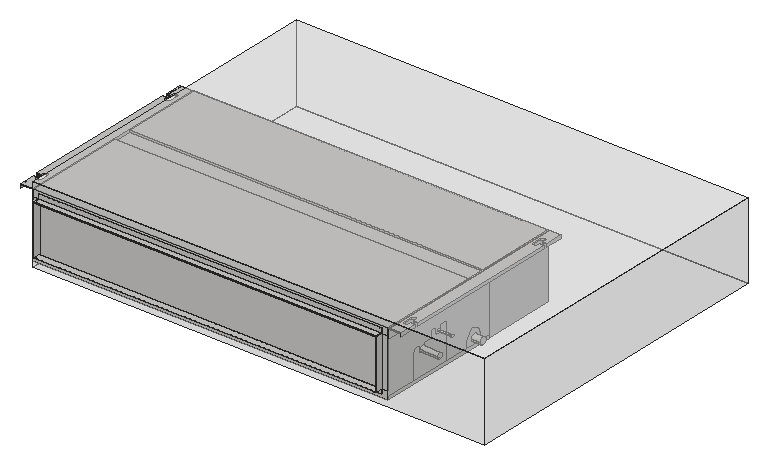
Revit family "outputfile", category 機械設備, Revit 2024
Family settings
  丸型コネクタ寸法 = 半径を使用
  パーツ タイプ = 標準
  OmniClass 番号 = 23.75.10.24.21.27.27
  OmniClass タイトル = Split System Air Conditioning Units
  作業面ベース = いいえ
  常に垂直 = はい
  ロード時にボイドで切り取り = いいえ
  注釈の向きを維持 = いいえ
  共有 = いいえ
  部屋計算ポイント = はい
Parameters (values of type "CDXM71RVMV")
  Description = ""
  書き出し IFC クラス(タイプ) = "IfcUnitaryEquipmentType"
  定義済み IFC タイプ(タイプ) = "AIRCONDITIONINGUNIT"
  Cost = 0
  Type Comments = ""
  Keynote = ""
  Type Image = (empty or 0)
  Assembly Code = ""
  switch_frequency = yes
  ld_powersupply = Depth / 2  # 310.0 mm
  製造元 = "Daikin"
  モデル = "CDXM71RVMV"
  r_Liquid Pipe Size = Liquid Pipe Size / 2  # 3.2 mm
  r_Gas Pipe Size = Gas Pipe Size / 2  # 7.95 mm
  r_Drain Pipe Size = Drain Pipe Size / 2  # 10.0 mm
  lw_powersupply = 50.0 mm  # constant formula
  lw_ductflange2 = 1020.0 mm
  lw_Width = 1060.0 mm
  lh_suctionflange [instance] = 100.0 mm  # constant formula
  ld_suctionflange [instance] = if(Rear Connection_Return Air, 190.0 mm, 100.0 mm)  # 190.0 mm
  connector_voltage = Voltage_50Hz  # 230 V
  connector_powerinput = if([Power Input (Cooling)] > [Power Input (Heating)], [Power Input (Cooling)], [Power Input (Heating)])  # 0.000 kW
  connector_phase = Phase_50Hz  # 1
  angle_vertical_RA [instance] = if(Rear Connection_Return Air, 90.00°, 0.00°)  # 90.00°
  angle horizontal_RA [instance] = if(Rear Connection_Return Air, 180.00°, 270.00°)  # 180.00°
  Voltage_comment_50Hz = "220 - 240"
  Voltage_50Hz = 230 V
  URL = ""
  Supply Air Direction [instance] = yes
  Sound Power Level_H speed (dB) = 0
  Rear Connection_Return Air [instance] = not(Bottom Connection_Return Air)  # yes
  RA_length [instance] = if(Rear Connection_Return Air, 190.0 mm, 100.0 mm)  # 190.0 mm
  Phase_50Hz = 1
  Minimum External Static Pressure = 0.00 Pa
  Minimum Circuit Amps_50Hz = 0.0 A
  Maximum Fuse Amps_50Hz = 0.0 A
  Maximum External Static Pressure = 40.00 Pa
  Material_Casing = DAIKIN_GalvanizedSteel_Casing_indoorunit
  lw_liquidpipe = 46.0 mm  # constant formula
  lw_gaspipe = 57.0 mm  # constant formula
  lw_mountinghole = 1140.0 mm
  lw_drainpipe = 30.0 mm  # constant formula
  lh_powersupply = 150.0 mm  # constant formula
  lh_liquidpipe = 90.0 mm  # constant formula
  lh_gaspipe = 113.0 mm  # constant formula
  lh_mountinghole = Height  # 200.0 mm
  lh_drainpipe = 170.0 mm  # constant formula
  lh_antena = 1.0 mm  # constant formula
  ld_liquidpipe = 193.0 mm  # constant formula
  ld_gaspipe = 130.0 mm  # constant formula
  ld_mountinghole = 500.0 mm  # constant formula
  ld_drainpipe = 330.0 mm  # constant formula
  ld_controlbox = 626.0 mm  # constant formula
  h*** = 0.0 mm  # constant formula
  d_dischargeflange = 21.2 mm  # constant formula
  Width = 1100.0 mm
  Version = "ver.1.0"
  Unit Type = "Duct (L.S.P)"
  Unit Mass Weight = 30.00 kg
  Unit Designation [instance] = ""
  Uniclass2015Version = "Products v1.30"
  Uniclass2015Title = "Split coil room air conditioning units"
  Uniclass2015Code = "Pr_70_65_03_86"
  Total Heating Capacity [instance] = 0.000 kW
  Total Cooling Capacity [instance] = 0.000 kW
  Sound Pressure Level_M speed (dBA) = 36
  Sound Pressure Level_L speed (dBA) = 34
  Sound Pressure Level_H speed (dBA) = 38
  Series = "Multi Split_Fan Coil Unit"
  Sensible Cooling Capacity [instance] = 0.000 kW
  SA Duct Size Width = 1060.0 mm
  SA Duct Size Height = 153.0 mm
  Refrigerant Type = "R32"
  RA Duct Size Width = 980.0 mm
  RA Duct Size Height = 160.0 mm
  Power Input (Heating) = 0.000 kW
  Power Input (Cooling) = 0.000 kW
  Option Accessory 3 [instance] = ""
  Option Accessory 2 [instance] = ""
  Option Accessory 1 [instance] = ""
  Nominal Heating Capacity = 8.600 kW
  Nominal Cooling Capacity = 7.100 kW
  Minimum Airflow = 810.00 m³/h
  Median Airflow = 888.00 m³/h
  Maximum Airflow = 960.00 m³/h
  Load Classification = HVAC
  Liquid Pipe Size = 6.4 mm
  Link_Nested Family [instance] = ""
  IfcVersion = ""
  IfcExportType = "AIRCONDITIONINGUNIT"
  IfcExportAs = "IfcUnitaryEquipmentType"
  Height = 200.0 mm
  Heating Entering Wet Bulb Temperature [instance] = 0.00 °C
  Heating Entering Dry Bulb Temperature [instance] = 0.00 °C
  Heating Ambient Wet Bulb Temperature [instance] = 0.00 °C
  Heating Ambient Dry Bulb Temperature [instance] = 0.00 °C
  Heat Exchanger Type = "Cross Fin Coil"
  Gas Pipe Size = 15.9 mm
  Frequency_50Hz = 50 Hz
  Fan Type = "Sirocco Fan"
  Fan Drive = "Direct Drive"
  FCU Tag No. [instance] = ""
  Drain Pipe Size = 20.0 mm
  Design Supply Airflow [instance] = 0.00 m³/h
  Design Return Airflow [instance] = 0.00 m³/h
  Design External Static Pressure [instance] = 0.00 Pa
  Depth = 620.0 mm
  既定の高さ = 0.0 mm
  Cooling Entering Wet Bulb Temperature [instance] = 0.00 °C
  Cooling Entering Dry Bulb Temperature [instance] = 0.00 °C
  Cooling Ambient Wet Bulb Temperature [instance] = 0.00 °C
  Cooling Ambient Dry Bulb Temperature [instance] = 0.00 °C
  Clearance visibility [instance] = yes
  Clearance Top = 20.0 mm
  Clearance Right = 300.0 mm
  Clearance Rear = 400.0 mm
  Clearance Left = 0.0 mm
  Clearance Front = 0.0 mm
  Clearance Bottom = 20.0 mm
  Bottom Connection_Return Air [instance] = no
Reference planes
  plane 1 "Center (Front/Back)": y = 0
  plane 2: z = 0
  plane 3 "Center (Left/Right)": x = 0
  plane 4 "Back": y = 310
  plane 5 "Front": y = -310
  plane 6 "Left": x = -550
  plane 7 "Right": x = 550
  plane 8 "Top": z = 0
  plane 9 "Bottom": z = -200
  plane 10: x = -570
  plane 11: x = 570
  plane 12: y = 250
  plane 13: z = 0
  plane 14 "Clearance Left": x = -550
  plane 15 "Clearance Right": x = 850
  plane 16 "Clearance Rear": y = 710
  plane 17 "Clearance Front": y = -310
  plane 18 "Clearance Top": z = 20
  plane 19 "Clearance Bottom": z = -220
  plane 20: y = -250
  plane 21: z = -21
  plane 22: z = -97.5
  plane 23: x = -40
  plane 24: y = 120
  plane 25: z = -100
  plane 26: y = -180
  plane 27: z = -113
  plane 28: y = -117
  plane 29: z = -90
  plane 30: y = 20
  plane 31: z = -170
  plane 32: x = 607
  plane 33: x = 596
  plane 34: x = 580
  plane 35: x = 500
  plane 36: z = -150
Forms (mm)
  Extrusion 1, solid, material "DAIKIN_GalvanizedSteel_Casing_indoorunit" <- "Material_Casing"
    sketch origin (0, 0, 0) x (1, 0, 0) y (0, 1, 0)
      loop
        line (-550, -310) -> (550, -310) -> (550, 310) -> (-550, 310) -> (-550, -310)
    from -200 to 0
  Extrusion 2, void
    sketch origin (0, 0, 1) x (1, 0, 0) y (0, 1, 0)
      loop
        line (-550, 61.5) -> (-550, 3.5) -> (550, 3.5) -> (550, 61.5) -> (-550, 61.5)
    from -1 to -7
  Extrusion 3, solid, material "DAIKIN_GalvanizedSteel_Casing_indoorunit" <- "Material_Casing", visible <- "Bottom Connection_Return Air"
    sketch origin (0, 0, 0) x (1, 0, 0) y (0, 0, 1)
      loop
        line (469, -200) -> (469, -1) -> (-549, -1) -> (-549, -200) -> (469, -200)
    from -310 to -309
  Extrusion 4, solid, material "DAIKIN_GalvanizedSteel_Casing_indoorunit" <- "Material_Casing", visible <- "Rear Connection_Return Air"
    sketch origin (0, 0, 0) x (1, 0, 0) y (0, 1, 0)
      loop
        line (-549, 310) -> (-549, 111) -> (469, 111) -> (469, 310) -> (-549, 310)
    from -200 to -199
  Extrusion 5, solid, material "DAIKIN_GalvanizedSteel_Casing_indoorunit" <- "Material_Casing"
    sketch origin (550, 0, 0) x (0, 1, 0) y (0, 0, 1)
      loop
        circle (-180, -113) r 7.95
    from 0 to 57
  Extrusion 6, solid, material "DAIKIN_GalvanizedSteel_Casing_indoorunit" <- "Material_Casing"
    sketch origin (550, 0, 0) x (0, 1, 0) y (0, 0, 1)
      loop
        circle (-117, -90) r 3.2
    from 0 to 46
  Extrusion 7, solid, material "DAIKIN_GalvanizedSteel_Casing_indoorunit" <- "Material_Casing"
    sketch origin (550, 0, 0) x (0, 1, 0) y (0, 0, 1)
      loop
        circle (20, -170) r 10
    from 0 to 30
  Extrusion 8, solid, material "DAIKIN_GalvanizedSteel_Casing_indoorunit" <- "Material_Casing"
    sketch origin (550, 0, 0) x (0, 1, 0) y (0, 0, 1)
      loop
        line (-310, -200) -> (78.6, -200) -> (78.6, -193)
        arc (78.6, -193) -> (77.721, -190.879) -> (75.6, -190) r 3
        line (75.6, -190) -> (-310, -190) -> (-310, -200)
    from 0 to -1
  Extrusion 9, solid, material "DAIKIN_GalvanizedSteel_Casing_indoorunit" <- "Material_Casing"
    sketch origin (550, 0, 0) x (0, 1, 0) y (0, 0, 1)
      loop
        line (-210, -190) -> (-85.6, -190) -> (-85.6, -83)
        arc (-85.6, -83) -> (-86.479, -80.879) -> (-88.6, -80) r 3
        line (-88.6, -80) -> (-102, -80)
        arc (-102, -80) -> (-104.121, -80.879) -> (-105, -83) r 3
        line (-105, -83) -> (-105, -90)
        arc (-105, -90) -> (-117, -102) -> (-129, -90) r 12
        line (-129, -90) -> (-129, -83)
        arc (-129, -83) -> (-129.879, -80.879) -> (-132, -80) r 3
        line (-132, -80) -> (-136.1, -80)
        arc (-136.1, -80) -> (-138.221, -80.879) -> (-139.1, -83) r 3
        line (-139.1, -83) -> (-139.1, -102.7) -> (-165, -102.7)
        arc (-165, -102.7) -> (-167.121, -103.579) -> (-168, -105.7) r 3
        line (-168, -105.7) -> (-168, -113)
        arc (-168, -113) -> (-180, -125) -> (-192, -113) r 12
        line (-192, -113) -> (-192, -105.7)
        arc (-192, -105.7) -> (-192.879, -103.579) -> (-195, -102.7) r 3
        line (-195, -102.7) -> (-207, -102.7)
        arc (-207, -102.7) -> (-209.121, -103.579) -> (-210, -105.7) r 3
        line (-210, -105.7) -> (-210, -190)
    from 0 to -1
  Extrusion 10, solid, material "DAIKIN_GalvanizedSteel_Casing_indoorunit" <- "Material_Casing"
    sketch origin (550, 0, 0) x (0, 1, 0) y (0, 0, 1)
      loop
        arc (44.5, -170) -> (20, -145.5) -> (-4.5, -170) r 24.5
        line (-4.5, -170) -> (-4.5, -190) -> (44.5, -190) -> (44.5, -170)
    from 0 to -1
  Extrusion 11, solid, material "DAIKIN_GalvanizedSteel_Casing_indoorunit" <- "Material_Casing"
    sketch origin (550, 0, 0) x (0, 1, 0) y (0, 0, 1)
      loop
        arc (86.6, -22) -> (84.479, -22.879) -> (83.6, -25) r 3
        line (83.6, -25) -> (83.6, -194.5)
        arc (83.6, -194.5) -> (84.479, -196.621) -> (86.6, -197.5) r 3
        line (86.6, -197.5) -> (307, -197.5)
        arc (307, -197.5) -> (309.121, -196.621) -> (310, -194.5) r 3
        line (310, -194.5) -> (310, -25)
        arc (310, -25) -> (309.121, -22.879) -> (307, -22) r 3
        line (307, -22) -> (86.6, -22)
    from 0 to -1
Cuts and joins
  Extrusion 2 cuts Extrusion 1
Dimensions and locks
  "Height": plane 8 "Top" to plane 9 "Bottom"
  equal spacing: plane 10, plane 3 "Center (Left/Right)", plane 11
  "lw_mountinghole": plane 10 to plane 11
  equal spacing: plane 6 "Left", plane 3 "Center (Left/Right)", plane 7 "Right"
  "Width": plane 6 "Left" to plane 7 "Right"
  "Clearance Right": plane 7 "Right" to plane 15 "Clearance Right"
  "Clearance Left": plane 14 "Clearance Left" to plane 6 "Left"
  "Clearance Rear": plane 16 "Clearance Rear" to plane 4 "Back"
  "Clearance Front": plane 5 "Front" to plane 17 "Clearance Front"
  "Clearance Top": plane 18 "Clearance Top" to plane 8 "Top"
  "Clearance Bottom": plane 9 "Bottom" to plane 19 "Clearance Bottom"
  "Depth": plane 4 "Back" to plane 5 "Front"
  equal spacing: plane 4 "Back", plane 1 "Center (Front/Back)", plane 5 "Front"
  Extrusion 3 sketch curve to Extrusion 3 sketch curve = 199.0 mm
  locked: plane 20 to plane 5 "Front" at 60
  "ld_mountinghole": plane 12 to plane 20
  locked: plane 8 "Top" to plane 21 at 21
  locked: plane 23 to plane 3 "Center (Left/Right)" at 40
  "ld_suctionflange": plane 4 "Back" to plane 24
  "lh_suctionflange": plane 8 "Top" to plane 25
  "ld_gaspipe": plane 26 to plane 5 "Front"
  "lh_gaspipe": plane 8 "Top" to plane 27
  "ld_liquidpipe": plane 28 to plane 5 "Front"
  "lh_liquidpipe": plane 8 "Top" to plane 29
  "ld_drainpipe": plane 30 to plane 5 "Front"
  "lh_drainpipe": plane 8 "Top" to plane 31
  "lw_gaspipe": plane 7 "Right" to plane 32
  "lw_liquidpipe": plane 7 "Right" to plane 33
  "lw_drainpipe": plane 7 "Right" to plane 34
  "lw_powersupply": plane 35 to plane 7 "Right"
  "lh_powersupply": plane 8 "Top" to plane 36
  "r_Gas Pipe Size": radius of Extrusion 5 sketch curve
  "r_Liquid Pipe Size": radius of Extrusion 6 sketch curve
  "r_Drain Pipe Size": radius of Extrusion 7 sketch curve
  aligned and locked: level to plane 2
  aligned and locked: Extrusion 1 to plane 9 "Bottom"
  aligned and locked: plane 8 "Top" to Extrusion 1
  aligned and locked: plane 11 to nested 2
  aligned and locked: plane 10 to nested 3
  aligned and locked: plane 10 to nested 4
  aligned and locked: plane 8 "Top" to Extrusion 2
  aligned and locked: plane 9 "Bottom" to Extrusion 4  (x2)
  aligned and locked: plane 7 "Right" to cut or joined group of Extrusion 1, Extrusion 2  (x2)
  aligned and locked: plane 3 "Center (Left/Right)" to nested 9
  aligned and locked: plane 6 "Left" to nested 7
  aligned and locked: plane 8 "Top" to nested 9
  aligned and locked: plane 11 to nested 1
  aligned and locked: nested 6 to plane 1 "Center (Front/Back)"
  aligned and locked: plane 3 "Center (Left/Right)" to nested 6
  aligned and locked: level to plane 8 "Top"
  aligned and locked: plane 1 "Center (Front/Back)" to nested 9
  aligned and locked: plane 5 "Front" to nested 10
  aligned and locked: Extrusion 1 sketch curve to plane 5 "Front"
  aligned and locked: plane 21 to nested 10
  aligned and locked: nested 5 to plane 5 "Front"
  aligned and locked: plane 3 "Center (Left/Right)" to nested 5
  aligned and locked: plane 22 to nested 5
  aligned and locked: Extrusion 2 sketch curve to plane 6 "Left"
  aligned and locked: plane 7 "Right" to Extrusion 2 sketch curve
  aligned and locked: nested 11 to plane 23
  aligned and locked: nested 11 to plane 24
  aligned and locked: plane 27 to Extrusion 5 sketch curve
  aligned and locked: plane 26 to Extrusion 5 sketch curve
  aligned and locked: plane 28 to Extrusion 6 sketch curve
  aligned and locked: plane 29 to Extrusion 6 sketch curve
  aligned and locked: plane 31 to Extrusion 7 sketch curve
  aligned and locked: plane 30 to Extrusion 7 sketch curve
  aligned and locked: plane 26 to nested 12
  aligned and locked: nested 12 to plane 27
  aligned and locked: plane 32 to Extrusion 5
  aligned and locked: plane 32 to nested 12
  aligned and locked: plane 33 to Extrusion 6
  aligned and locked: plane 28 to nested 13
  aligned and locked: nested 13 to plane 29
  aligned and locked: plane 33 to nested 13
  aligned and locked: plane 34 to Extrusion 7
  aligned and locked: plane 30 to nested 14
  aligned and locked: nested 14 to plane 31
  aligned and locked: plane 34 to nested 14
  aligned and locked: Extrusion 8 sketch curve to plane 9 "Bottom"
  aligned and locked: Extrusion 8 sketch curve to plane 5 "Front"
  aligned and locked: plane 14 "Clearance Left" to nested 15
  aligned and locked: plane 15 "Clearance Right" to nested 15
  aligned and locked: plane 16 "Clearance Rear" to nested 15
  aligned and locked: nested 15 to plane 17 "Clearance Front"
  aligned and locked: nested 15 to plane 18 "Clearance Top"
  aligned and locked: nested 15 to plane 19 "Clearance Bottom"
  aligned and locked: nested 16 to plane 35
  aligned and locked: nested 16 to plane 36
  aligned and locked: plane 4 "Back" to nested 16
Automatic sketch dimensions
  Extrusion 1 sketch curve to plane 4 "Back" = 0.0 mm
  Extrusion 1 sketch curve to plane 6 "Left" = 0.0 mm
  Extrusion 1 sketch curve to plane 7 "Right" = 0.0 mm
  Extrusion 4 sketch curve to plane 4 "Back" = 0.0 mm
  plane 6 "Left" to Extrusion 3 sketch curve = 1.0 mm
  plane 6 "Left" to Extrusion 4 sketch curve = 1.0 mm
  Extrusion 4 sketch curve to plane 1 "Center (Front/Back)" = 111.0 mm
  Extrusion 3 sketch curve to plane 9 "Bottom" = 0.0 mm
  Extrusion 3 sketch curve to plane 7 "Right" = 81.0 mm
  Extrusion 4 sketch curve to plane 7 "Right" = 81.0 mm
  Extrusion 2 sketch curve to plane 1 "Center (Front/Back)" = 3.5 mm
  Extrusion 2 sketch curve to Extrusion 2 sketch curve = 58.0 mm
  plane 9 "Bottom" to Extrusion 8 sketch curve = 7.0 mm
  Extrusion 8 sketch curve to plane 24 = 44.4 mm
  Extrusion 8 sketch curve to Extrusion 8 sketch curve = 3.0 mm
  Extrusion 9 sketch curve to plane 27 = 0.0 mm
  Extrusion 9 sketch curve to plane 26 = 0.0 mm
  Extrusion 9 sketch curve to plane 29 = 0.0 mm
  Extrusion 9 sketch curve to plane 28 = 0.0 mm
  Extrusion 9 sketch curve to plane 26 = 12.0 mm
  Extrusion 9 sketch curve to plane 25 = 2.7 mm  (x2)
  Extrusion 9 sketch curve to Extrusion 9 sketch curve = 3.0 mm  (x6)
  Extrusion 9 sketch curve to Extrusion 9 sketch curve = 12.0 mm
  plane 9 "Bottom" to Extrusion 9 sketch curve = 10.0 mm
  Extrusion 9 sketch curve to plane 26 = 30.0 mm
  Extrusion 9 sketch curve to plane 28 = 22.1 mm
  Extrusion 9 sketch curve to Extrusion 9 sketch curve = 4.1 mm
  plane 29 to Extrusion 9 sketch curve = 7.0 mm  (x2)
  Extrusion 9 sketch curve to Extrusion 9 sketch curve = 13.4 mm
  Extrusion 10 sketch curve to plane 30 = 0.0 mm
  Extrusion 10 sketch curve to plane 31 = 0.0 mm
  plane 1 "Center (Front/Back)" to Extrusion 10 sketch curve = 4.5 mm
  plane 9 "Bottom" to Extrusion 10 sketch curve = 10.0 mm
  Extrusion 11 sketch curve to plane 4 "Back" = 0.0 mm
  Extrusion 11 sketch curve to Extrusion 11 sketch curve = 3.0 mm  (x3)
  Extrusion 11 sketch curve to plane 21 = 1.0 mm
  Extrusion 11 sketch curve to plane 21 = 4.0 mm
  Extrusion 11 sketch curve to plane 24 = 33.4 mm
  plane 9 "Bottom" to Extrusion 11 sketch curve = 5.5 mm
Nested families
  nested 1: "daikin_mountinghole" at (570, 250, -200), l_antenna <- "lh_antena", Link_Nested Family <- "Link_Nested Family", h_mountinghole <- "lh_mountinghole", type "daikin_mountinghole"
    with show yes, l_antenna 1.0 mm, h_mountinghole 200.0 mm, Link_Nested Family ""
  nested 2: "daikin_mountinghole" at (570, -250, -200), Link_Nested Family <- "Link_Nested Family", l_antenna <- "lh_antena", h_mountinghole <- "lh_mountinghole", type "daikin_mountinghole"
    with show yes, l_antenna 1.0 mm, h_mountinghole 200.0 mm, Link_Nested Family ""
  nested 3: "daikin_mountinghole" at (-570, -250, -200), l_antenna <- "lh_antena", Link_Nested Family <- "Link_Nested Family", h_mountinghole <- "lh_mountinghole", type "daikin_mountinghole"
    with show yes, l_antenna 1.0 mm, h_mountinghole 200.0 mm, Link_Nested Family ""
  nested 4: "daikin_mountinghole" at (-570, 250, -200), l_antenna <- "lh_antena", Link_Nested Family <- "Link_Nested Family", h_mountinghole <- "lh_mountinghole", type "daikin_mountinghole"
    with show yes, l_antenna 1.0 mm, h_mountinghole 200.0 mm, Link_Nested Family ""
  nested 5: "daikin_connector_rotate2" at (0, -310, -97.5), length <- "d_dischargeflange", type "daikin_connector_rotate2"
    with radius 10.0 mm, length 21.2 mm, angle_vertical 90.00°, show_face no
  nested 6: "daikin_△_symbolicline" at (-75, -129.904, 200) x (-0.5, 0.866, 0) z (0, 0, 1), built-in parameter 1001364 <- "Height", visible <- "Supply Air Direction", type "daikin_△_symbolicline"
    with length 300.0 mm
  nested 7: "daikin_ductflange_CDXM-RVMV_1" at (-40, 310, -100), visible <- "Rear Connection_Return Air", material <- "Material_Casing", width <- "lw_ductflange2", type "daikin_ductflange_CDXM-RVMV_1"
    with width 1020.0 mm, material DAIKIN_GalvanizedSteel_Casing_indoorunit, height 180.0 mm, depth 21.2 mm
  nested 8: "daikin_ductflange_CDXM-RVMV_1" at (-40, 210, -200) x (1, 0, 0) z (0, 1, 0), visible <- "Bottom Connection_Return Air", material <- "Material_Casing", width <- "lw_ductflange2", type "daikin_ductflange_CDXM-RVMV_1"
    with width 1020.0 mm, material DAIKIN_GalvanizedSteel_Casing_indoorunit, height 180.0 mm, depth 21.2 mm
  nested 9: "daikin_hangerfixture_CDXM-RVMV" at (0, 0, 0), type "daikin_hangerfixture_CDXM-RVMV"
    with width 1100.0 mm
  nested 10: "daikin_ductflange_CDXM-RVMV" at (0, 3.5, -364.201), width <- "lw_Width", material <- "Material_Casing", type "daikin_ductflange_CDXM-RVMV"
    with width 1060.0 mm, material DAIKIN_GalvanizedSteel_Casing_indoorunit, height 155.0 mm, depth 21.2 mm
  nested 11: "daikin_connector_rotate3" at (-40, 120, -100), length <- "RA_length", angle_vertical <- "angle_vertical_RA", angle_horizontal <- "angle horizontal_RA", type "daikin_connector_rotate3"
    with show no, radius 10.0 mm, length 190.0 mm, angle_vertical 90.00°, angle_horizontal 180.00°
  nested 12: "daikin_connector_rotate2" at (550, -180, -113) x (0, 1, 0) z (0, 0, 1), length <- "lw_gaspipe", radius <- "r_Gas Pipe Size", type "daikin_connector_rotate2"
    with radius 7.95 mm, length 57.0 mm, angle_vertical 90.00°, show_face no
  nested 13: "daikin_connector_rotate2" at (550, -117, -90) x (0, 1, 0) z (0, 0, 1), radius <- "r_Liquid Pipe Size", length <- "lw_liquidpipe", type "daikin_connector_rotate2"
    with radius 3.2 mm, length 46.0 mm, angle_vertical 90.00°, show_face no
  nested 14: "daikin_connector_rotate2" at (550, 20, -170) x (0, 1, 0) z (0, 0, 1), radius <- "r_Drain Pipe Size", length <- "lw_drainpipe", type "daikin_connector_rotate2"
    with radius 10.0 mm, length 30.0 mm, angle_vertical 90.00°, show_face no
  nested 15: "daikin_clearancespace" at (150, 200, -99.881), visible <- "Clearance visibility", Link_Nested Family <- "Link_Nested Family", show <- "Clearance visibility", type "daikin_clearancespace"
    with width 1400.0 mm, show yes, height 240.0 mm, depth 1020.0 mm, Link_Nested Family ""
  nested 16: "daikin_connector_rotate2" at (500, 0, -150) x (-1, 0, 0) z (0, 0, 1), length <- "ld_powersupply", type "daikin_connector_rotate2"
    with radius 10.0 mm, length 310.0 mm, angle_vertical 90.00°, show_face no
Connectors
  hvac at (0, -331.2, -97.5), driven by "SA Duct Size Height", driven by "SA Duct Size Width"
    settings: on nested 5, index 1, duct flow 0.00 m³/h, flow factor 0, pres drop 0.00 Pa, loss coef 0, conn angle 0.00°, conn width 1060.0 mm, conn height 153.0 mm, conn diameter 609.6 mm, duct sys type 1, conn prof type 1, flow config 0, flow direction 2, loss method 4, conn ref index -1, conn util no, is conn primary yes, conn desc "SA Duct"
  hvac at (-40, 310, -100), driven by "RA Duct Size Height", driven by "RA Duct Size Width"
    settings: on nested 11, index 2, duct flow 0.00 m³/h, flow factor 0, pres drop 0.00 Pa, loss coef 0, conn angle 0.00°, conn width 980.0 mm, conn height 160.0 mm, conn diameter 609.6 mm, duct sys type 2, conn prof type 1, flow config 0, flow direction 1, loss method 4, conn ref index -1, conn util no, is conn primary no, conn desc "RA Duct"
  piping at (607, -180, -113), diameter 15.9, driven by "r_Gas Pipe Size"
    settings: on nested 12, index 3, connector inside diameter 609.6 mm, connector length 0.0 mm, flow factor 0, pipe flow 0.00 m³/h, pressure drop 0.0 Pa, fitting loss kfactor 0, connector angle 0.00°, fixture units 0, engagement length 0.0 mm, angle of deflection 0.00°, flow configuration 1, flow direction 2, fitting loss method 0, system type 29, joint type 0, gender type 0, connector reference index -1, connector utility 0, adjustable connector no, is connector primary yes, connector description "Refrigerant Gas Piping"
  piping at (596, -117, -90), diameter 6.4, driven by "r_Liquid Pipe Size"
    settings: on nested 13, index 4, connector inside diameter 609.6 mm, connector length 0.0 mm, flow factor 0, pipe flow 0.00 m³/h, pressure drop 0.0 Pa, fitting loss kfactor 0, connector angle 0.00°, fixture units 0, engagement length 0.0 mm, angle of deflection 0.00°, flow configuration 1, flow direction 1, fitting loss method 0, system type 29, joint type 0, gender type 0, connector reference index -1, connector utility 0, adjustable connector no, is connector primary no, connector description "Refrigerant Liquid Piping"
  piping at (580, 20, -170), diameter 20, driven by "r_Drain Pipe Size"
    settings: on nested 14, index 5, connector inside diameter 609.6 mm, connector length 0.0 mm, flow factor 0, pipe flow 0.00 m³/h, pressure drop 0.0 Pa, fitting loss kfactor 0, connector angle 0.00°, fixture units 0, engagement length 0.0 mm, angle of deflection 0.00°, flow configuration 1, flow direction 2, fitting loss method 4, system type 16, joint type 0, gender type 0, connector reference index -1, connector utility 0, adjustable connector no, is connector primary no, connector description "Condensate Drain Piping"
  electrical at (500, 310, -150), driven by "Load Classification", driven by "connector_phase", driven by "connector_powerinput", driven by "connector_voltage"
    settings: on nested 16, index 6, voltage 230 V, apparent load 0 VA, apparent load phase1 0 VA, apparent load phase2 0 VA, apparent load phase3 0 VA, power factor 1, load classification "HVAC", number of poles 1, system type 30, power factor state 1, is connector primary yes, connector utility no, sub classification motor no, connector description "Power Supply"
Definition of nested family "daikin_ductflange_CDXM-RVMV_1"
  Parameters (values of type "daikin_ductflange_CDXM-RVMV_1")
    width [instance] = 620.0 mm
    material [instance] = none
    height [instance] = 180.0 mm
    depth [instance] = 21.2 mm
    Default Elevation = 0.0 mm
  Reference planes
    plane 1 "Center (Front/Back)": y = 0
    plane 2: z = 0
    plane 3 "Center (Left/Right)": x = 0
    plane 4: x = -310
    plane 5: x = 310
    plane 6: z = 90
    plane 7: z = -90
    plane 8: z = 100
    plane 9: z = -100
    plane 10: x = -309
    plane 11: x = 309
  Forms (mm)
    Extrusion 1, solid, material <- "material"
      sketch origin (0, 0, 0) x (1, 0, 0) y (0, 0, 1)
        loop
          line (-290, 80) -> (-290, -80) -> (290, -80) -> (290, 80) -> (-290, 80)
        loop
          line (-309, -99) -> (309, -99) -> (309, 99) -> (-309, 99) -> (-309, -99)
      from 0 to 1
  Dimensions and locks
    equal spacing: plane 5, plane 3 "Center (Left/Right)", plane 4, locked at 310 each
    "width": plane 5 to plane 4
    equal spacing: plane 6, level, plane 7, locked at 90 each
    "height": plane 6 to plane 7
    equal spacing: plane 8, level, plane 9, locked at 100 each
    locked: plane 8 to plane 9 at 200
    plane 10 to plane 4 = 1.0 mm
    locked: plane 5 to plane 11 at 1
    locked: Extrusion 1 sketch curve to Extrusion 1 sketch curve at 19  (x4)
    locked: plane 8 to Extrusion 1 sketch curve at 1
    locked: Extrusion 1 sketch curve to plane 9 at 1
    aligned and locked: level to plane 2
  Automatic sketch dimensions
    plane 4 to Extrusion 1 sketch curve = 1.0 mm
    Extrusion 1 sketch curve to plane 5 = 1.0 mm
Definition of nested family "daikin_hangerfixture_CDXM-RVMV"
  Parameters (values of type "daikin_hangerfixture_CDKS-EAVMA")
    width = 700.0 mm
    material = none
    height = 30.0 mm
    depth = 618.0 mm
    Default Elevation = 0.0 mm
  Reference planes
    plane 1 "Center (Front/Back)": y = 0
    plane 2: z = 0
    plane 3 "Center (Left/Right)": x = 0
    plane 4: x = 350
    plane 5: y = 309
    plane 6: y = -309
    plane 7: x = -350
    plane 8: z = -30
  Forms (mm)
    Extrusion 1, solid, material <- "material"
      sketch origin (0, 0, 0) x (1, 0, 0) y (0, 0, 1)
        loop
          line (350, 0) -> (350, -30) -> (352.3, -30) -> (352.3, -2.3) -> (387.7, -2.3) -> (387.7, -10) -> (390, -10) -> (390, 0) -> (350, 0)
      from -309 to 309
    Extrusion 2, void
      sketch origin (0, 0, 0) x (0, 1, 0) y (0, 0, 1)
        loop
          line (309, -30) -> (309, -17.979) -> (87.935, -17.979) -> (75.914, -30) -> (309, -30)
      from 0 to 450
    Extrusion 3, void
      sketch origin (0, 0, 0) x (1, 0, 0) y (0, 1, 0)
        loop
          line (390, -243.5) -> (377, -243.5) -> (377, -237)
          arc (377, -237) -> (370, -230) -> (363, -237) r 7
          line (363, -237) -> (363, -263)
          arc (363, -263) -> (370, -270) -> (377, -263) r 7
          line (377, -263) -> (377, -256.5) -> (390, -256.5) -> (390, -243.5)
        loop
          line (390, 243.5) -> (390, 256.5) -> (377, 256.5) -> (377, 263)
          arc (377, 263) -> (370, 270) -> (363, 263) r 7
          line (363, 263) -> (363, 237)
          arc (363, 237) -> (370, 230) -> (377, 237) r 7
          line (377, 237) -> (377, 243.5) -> (390, 243.5)
      from -254.96 to 618
    Extrusion 4, solid, material <- "material"
      sketch origin (0, 0, 0) x (-1, 0, 0) y (0, 0, -1)
        loop
          line (350, 0) -> (390, 0) -> (390, 10) -> (387.7, 10) -> (387.7, 2.3) -> (352.3, 2.3) -> (352.3, 30) -> (350, 30) -> (350, 0)
      from -309 to 309
    Extrusion 5, void
      sketch origin (0, 0, 0) x (-1, 0, 0) y (0, -1, 0)
        loop
          line (390, 243.5) -> (390, 256.5) -> (377, 256.5) -> (377, 263)
          arc (377, 263) -> (370, 270) -> (363, 263) r 7
          line (363, 263) -> (363, 237)
          arc (363, 237) -> (370, 230) -> (377, 237) r 7
          line (377, 237) -> (377, 243.5) -> (390, 243.5)
        loop
          line (390, -243.5) -> (377, -243.5) -> (377, -237)
          arc (377, -237) -> (370, -230) -> (363, -237) r 7
          line (363, -237) -> (363, -263)
          arc (363, -263) -> (370, -270) -> (377, -263) r 7
          line (377, -263) -> (377, -256.5) -> (390, -256.5) -> (390, -243.5)
      from -254.96 to 618
  Cuts and joins
    Extrusion 2, Extrusion 3, Extrusion 5 cuts Extrusion 1
    Extrusion 5 cuts Extrusion 4
  Dimensions and locks
    equal spacing: plane 5, plane 1 "Center (Front/Back)", plane 6
    "depth": plane 5 to plane 6
    plane 6 to plane 1 "Center (Front/Back)" to plane 5 = 309.0 mm, 309.0 mm
    equal spacing: plane 4, plane 3 "Center (Left/Right)", plane 7
    "width": plane 4 to plane 7
    "height": level to plane 8
    aligned and locked: level to plane 2
    aligned and locked: plane 5 to Extrusion 1
    aligned and locked: Extrusion 1 to plane 6
    aligned and locked: Extrusion 1 to plane 4
    aligned and locked: plane 5 to cut or joined group of Extrusion 1, Extrusion 2, Extrusion 3, Extrusion 5
    aligned and locked: cut or joined group of Extrusion 1, Extrusion 2, Extrusion 3, Extrusion 5 to plane 6
    aligned and locked: level to cut or joined group of Extrusion 1, Extrusion 2, Extrusion 3, Extrusion 5
    aligned and locked: cut or joined group of Extrusion 1, Extrusion 2, Extrusion 3, Extrusion 5 to plane 8
    aligned and locked: plane 5 to cut or joined group of Extrusion 4, Extrusion 5
    aligned and locked: cut or joined group of Extrusion 4, Extrusion 5 to plane 6
  Automatic sketch dimensions
    Extrusion 1 sketch curve to plane 4 = 0.0 mm
    Extrusion 1 sketch curve to plane 8 = 0.0 mm
    Extrusion 1 sketch curve to level = 0.0 mm
    plane 4 to Extrusion 1 sketch curve = 2.3 mm
    Extrusion 1 sketch curve to level = 2.3 mm
    Extrusion 1 sketch curve to Extrusion 1 sketch curve = 35.4 mm
    Extrusion 1 sketch curve to Extrusion 1 sketch curve = 2.3 mm
    Extrusion 1 sketch curve to Extrusion 1 sketch curve = 7.7 mm
    Extrusion 2 sketch curve to plane 8 = 0.0 mm
    Extrusion 2 sketch curve to plane 5 = 0.0 mm
    plane 8 to Extrusion 2 sketch curve = 12.021 mm
    Extrusion 2 sketch curve to plane 1 "Center (Front/Back)" = 87.935 mm
    Extrusion 2 sketch curve to Extrusion 2 sketch curve = 12.021 mm
    plane 4 to Extrusion 3 sketch curve = 13.0 mm  (x2)
    Extrusion 3 sketch curve to Extrusion 3 sketch curve = 7.0 mm  (x4)
    Extrusion 3 sketch curve to Extrusion 3 sketch curve = 13.0 mm  (x4)
    plane 6 to Extrusion 3 sketch curve = 46.0 mm
    Extrusion 3 sketch curve to Extrusion 3 sketch curve = 6.5 mm  (x4)
    Extrusion 3 sketch curve to plane 5 = 72.0 mm
    Extrusion 4 sketch curve to plane 7 = 0.0 mm
    Extrusion 4 sketch curve to plane 8 = 0.0 mm
    Extrusion 4 sketch curve to level = 0.0 mm
    Extrusion 4 sketch curve to plane 7 = 2.3 mm
    Extrusion 4 sketch curve to level = 2.3 mm
    Extrusion 4 sketch curve to Extrusion 4 sketch curve = 35.4 mm
    Extrusion 4 sketch curve to Extrusion 4 sketch curve = 2.3 mm
    Extrusion 4 sketch curve to Extrusion 4 sketch curve = 7.7 mm
    Extrusion 5 sketch curve to plane 7 = 13.0 mm  (x2)
    Extrusion 5 sketch curve to Extrusion 5 sketch curve = 7.0 mm  (x4)
    Extrusion 5 sketch curve to Extrusion 5 sketch curve = 13.0 mm  (x4)
    Extrusion 5 sketch curve to plane 5 = 46.0 mm
    Extrusion 5 sketch curve to Extrusion 5 sketch curve = 6.5 mm  (x4)
    plane 6 to Extrusion 5 sketch curve = 72.0 mm
Definition of nested family "daikin_ductflange_CDXM-RVMV"
  Parameters (values of type "daikin_ductflange_FXDQ-NDVET")
    width [instance] = 660.0 mm
    material [instance] = none
    height [instance] = 155.0 mm
    depth [instance] = 21.2 mm
    Default Elevation = 0.0 mm
  Reference planes
    plane 1 "Center (Front/Back)": y = 0
    plane 2: z = 189.201
    plane 3 "Center (Left/Right)": x = 0
    plane 4: y = -313.5
    plane 5: x = -330
    plane 6: x = 330
    plane 7: y = -334.7
    plane 8: z = 344.201
    plane 9: z = 266.701
    plane 10: z = 343.201
    plane 11: z = 190.201
  Forms (mm)
    Extrusion 1, solid, material <- "material"
      sketch origin (0, 0, 189.201) x (1, 0, 0) y (0, 1, 0)
        loop
          line (-330, -334.7) -> (-330, -313.5) -> (-350, -313.5) -> (-350, -314.5) -> (-331, -314.5) -> (-331, -334.7) -> (-330, -334.7)
        loop
          line (330, -334.7) -> (331, -334.7) -> (331, -314.5) -> (350, -314.5) -> (350, -313.5) -> (330, -313.5) -> (330, -334.7)
      from 1 to 154
    Extrusion 2, solid, material <- "material"
      sketch origin (0, 0, 0) x (0, 1, 0) y (0, 0, 1)
        loop
          line (-313.5, 343.201) -> (-313.5, 358.201) -> (-314.5, 358.201) -> (-314.5, 344.201) -> (-334.7, 344.201) -> (-334.7, 343.201) -> (-313.5, 343.201)
        loop
          line (-313.5, 190.201) -> (-334.7, 190.201) -> (-334.7, 189.201) -> (-314.5, 189.201) -> (-314.5, 175.201) -> (-313.5, 175.201) -> (-313.5, 190.201)
      from -330 to 330
  Dimensions and locks
    plane 4 to plane 1 "Center (Front/Back)" = 313.5 mm
    "depth": plane 7 to plane 4
    equal spacing: plane 8, plane 9, level
    "height": plane 8 to level
    equal spacing: plane 6, plane 3 "Center (Left/Right)", plane 5
    "width": plane 6 to plane 5
    locked: plane 8 to plane 10 at 1
    locked: plane 11 to level at 1
    locked: Extrusion 1 to Extrusion 2 sketch curve at 1
    locked: Extrusion 2 sketch curve to Extrusion 1 at 1
    plane 10 to plane 11 = 153.0 mm
    aligned and locked: level to plane 2
    aligned and locked: Extrusion 2 to plane 5
    aligned and locked: Extrusion 2 to plane 11
    aligned and locked: Extrusion 2 to plane 10
    aligned and locked: plane 6 to Extrusion 2
    aligned and locked: plane 5 to Extrusion 2  (x2)
    aligned and locked: plane 5 to Extrusion 1  (x2)
    aligned and locked: Extrusion 1 to plane 6
    aligned and locked: plane 6 to Extrusion 1
    aligned and locked: Extrusion 1 to plane 10
  Automatic sketch dimensions
    Extrusion 2 sketch curve to plane 7 = 0.0 mm  (x2)
    Extrusion 2 sketch curve to plane 4 = 0.0 mm  (x2)
    Extrusion 2 sketch curve to plane 11 = 0.0 mm
    Extrusion 2 sketch curve to plane 10 = 0.0 mm
    Extrusion 2 sketch curve to plane 4 = 1.0 mm  (x2)
    Extrusion 2 sketch curve to level = 14.0 mm
    plane 8 to Extrusion 2 sketch curve = 14.0 mm
    Extrusion 1 sketch curve to plane 4 = 0.0 mm  (x2)
    Extrusion 1 sketch curve to plane 7 = 0.0 mm  (x2)
    Extrusion 1 sketch curve to plane 5 = 0.0 mm
    Extrusion 1 sketch curve to plane 6 = 0.0 mm
    Extrusion 1 sketch curve to plane 5 = 1.0 mm
    Extrusion 1 sketch curve to Extrusion 1 sketch curve = 19.0 mm  (x2)
    Extrusion 1 sketch curve to Extrusion 1 sketch curve = 1.0 mm
    Extrusion 1 sketch curve to plane 4 = 1.0 mm  (x2)
Definition of nested family "daikin_clearancespace"
  Parameters (values of type "daikin_clearancespace")
    Description = "daikin_clearancespace"
    width [instance] = 1823.963 mm
    show [instance] = yes
    material = none
    height [instance] = 1359.762 mm
    depth [instance] = 880.0 mm
    Default Elevation = 0.0 mm
    Link_Nested Family [instance] = ""
  Reference planes
    plane 1 "Center (Front/Back)": y = 0
    plane 2 "Center (Elevation)": z = -0.119
    plane 3 "Center (Left/Right)": x = 0
    plane 4: y = 440
    plane 5: y = -440
    plane 6 "Right": x = 911.982
    plane 7 "Left": x = -911.982
    plane 8 "Top": z = 679.762
    plane 9 "Bottom": z = -680
  Forms (mm)
    Extrusion 1, solid, material <- "material", visible <- "show"
      sketch origin (0, 0, 0) x (1, 0, 0) y (0, 1, 0)
        loop
          line (-911.982, 440) -> (-911.982, -440) -> (911.982, -440) -> (911.982, 440) -> (-911.982, 440)
      from -680 to 679.762
  Lines and regions (mm)
    symbolic lines, visible <- "show"
      curve 1: line (911.982, 440, 0) -> (-911.982, 440, 0)
      curve 2: line (-911.982, 440, 0) -> (-911.982, -440, 0)
      curve 3: line (-911.982, -440, 0) -> (911.982, -440, 0)
      curve 4: line (911.982, -440, 0) -> (911.982, 440, 0)
      curve 5: line (911.982, 0, 679.762) -> (-911.982, 0, 679.762)
      curve 6: line (911.982, 0, -680) -> (911.982, 0, 679.762)
      curve 7: line (-911.982, 0, -680) -> (911.982, 0, -680)
      curve 8: line (-911.982, 0, 679.762) -> (-911.982, 0, -680)
      curve 9: line (0, 440, 679.762) -> (0, -440, 679.762)
      curve 10: line (0, -440, 679.762) -> (0, -440, -680)
      curve 11: line (0, 440, -680) -> (0, 440, 679.762)
      curve 12: line (0, -440, -680) -> (0, 440, -680)
  Dimensions and locks
    "width": plane 7 "Left" to plane 6 "Right"
    "depth": plane 4 to plane 5
    "height": plane 8 "Top" to plane 9 "Bottom"
    equal spacing: plane 7 "Left", plane 3 "Center (Left/Right)", plane 6 "Right"
    equal spacing: plane 4, plane 1 "Center (Front/Back)", plane 5
    equal spacing: plane 8 "Top", plane 2 "Center (Elevation)", plane 9 "Bottom"
    aligned and locked: level to plane 2 "Center (Elevation)"
    aligned and locked: Extrusion 1 sketch curve to plane 4
    aligned and locked: plane 7 "Left" to Extrusion 1 sketch curve
    aligned and locked: Extrusion 1 sketch curve to plane 5
    aligned and locked: Extrusion 1 sketch curve to plane 6 "Right"
    aligned and locked: plane 8 "Top" to Extrusion 1
    aligned and locked: curve 1 to Extrusion 1
    aligned and locked: curve 2 to Extrusion 1
    aligned and locked: curve 3 to Extrusion 1
    aligned and locked: curve 4 to Extrusion 1
    aligned and locked: curve 5 to Extrusion 1
    aligned and locked: curve 6 to Extrusion 1
    aligned and locked: curve 7 to Extrusion 1
    aligned and locked: curve 8 to Extrusion 1
    aligned and locked: curve 9 to Extrusion 1
    aligned and locked: curve 10 to Extrusion 1
    aligned and locked: curve 11 to Extrusion 1
    aligned and locked: curve 12 to Extrusion 1
    aligned and locked: Extrusion 1 to plane 9 "Bottom"
Definition of nested family "daikin_mountinghole"
  Parameters (values of type "daikin_mountinghole")
    Default Elevation = 1219.2 mm
    Type Comments = "mountinghole"
    show [instance] = yes
    material = none
    l_centerline = 100.0 mm
    l_antenna [instance] = 100.0 mm
    h_mountinghole [instance] = 0.0 mm
    d_circle = 30.0 mm
    Link_Nested Family [instance] = ""
  Reference planes
    plane 1 "Center (Front/Back)": y = 0
    plane 2: z = 0
    plane 3 "Center (Left/Right)": x = 0
    plane 4: y = 50
    plane 5: x = -50
    plane 6: x = 50
    plane 7: y = -50
    plane 8 "h_mountinghole": z = 0
    plane 9: z = 100
  Lines and regions (mm)
    model lines, detail levels fine
      curve 1: circle (0, 0, 0) r 15 normal (0, 0, 1)
      curve 2: line (-50, 0, 0) -> (50, 0, 0)
      curve 3: line (0, 50, 0) -> (0, -50, 0)
    symbolic lines, detail levels fine
      curve 4: circle (0, 0, 0) r 15 normal (0, 0, 1)
      curve 5: line (-50, 0, 0) -> (50, 0, 0)
      curve 6: line (0, 50, 0) -> (0, -50, 0)
    model lines
      curve 7: line (0, 0, 100) -> (0, 0, 0)
  Dimensions and locks
    equal spacing: plane 4, plane 1 "Center (Front/Back)", plane 7
    "l_centerline": plane 4 to plane 7
    equal spacing: plane 5, plane 3 "Center (Left/Right)", plane 6
    "l_centerline": plane 5 to plane 6
    "l_antenna": plane 9 to plane 8 "h_mountinghole"
    "h_mountinghole": plane 8 "h_mountinghole" to plane 2
    "d_circle": diameter of curve 1
    "d_circle": diameter of curve 4
    aligned and locked: level to plane 2
    aligned and locked: plane 1 "Center (Front/Back)" to curve 1
    aligned and locked: plane 3 "Center (Left/Right)" to curve 1
    aligned and locked: plane 1 "Center (Front/Back)" to curve 2
    aligned and locked: curve 3 to plane 3 "Center (Left/Right)"
    aligned and locked: plane 6 to curve 2
    aligned and locked: plane 5 to curve 2
    aligned and locked: plane 4 to curve 3
    aligned and locked: plane 7 to curve 3
    aligned and locked: plane 1 "Center (Front/Back)" to curve 4
    aligned and locked: plane 3 "Center (Left/Right)" to curve 4
    aligned and locked: plane 6 to curve 5
    aligned and locked: plane 5 to curve 5
    aligned and locked: plane 1 "Center (Front/Back)" to curve 5
    aligned and locked: plane 4 to curve 6
    aligned and locked: plane 7 to curve 6
    aligned and locked: curve 6 to plane 3 "Center (Left/Right)"
    aligned and locked: curve 7 to plane 3 "Center (Left/Right)"
    aligned and locked: plane 9 to curve 7
    aligned and locked: plane 8 "h_mountinghole" to curve 7
Definition of nested family "daikin_connector_rotate2"
  Parameters (values of type "daikin_connector_rotate2")
    show_face = yes
    radius [instance] = 10.0 mm
    length [instance] = 600.0 mm
    d_surface = 10.0 mm
    angle_vertical [instance] = 90.00°
    Default Elevation = 0.0 mm
  Reference planes
    plane 1 "Center (Front/Back)": y = 0
    plane 2: z = 0
    plane 3 "Center (Left/Right)": x = 0
  Forms (mm)
    Extrusion 1, solid, visible <- "show_face"
      sketch origin (0, -600, 0) x (1, 0, 0) y (0, 0, 1)
        loop
          circle (0, 0) r 10
      from 0 to -10
  Lines and regions (mm)
    reference lines
      curve 1: line (0, 0, 0) -> (0, -600, 0)
    symbolic lines
      curve 2: circle (0, 0, 0) r 5 normal (0, 0, 1)
    model lines, visible <- "show_face"
      curve 3: line (0, 0, 0) -> (0, -600, 0)
  Dimensions and locks
    "length": curve 1 to curve 1
    "length": curve 3 to curve 3
    "d_surface": Extrusion 1 to Extrusion 1
    "radius": radius of Extrusion 1 sketch curve
    "angle_vertical": angle curve 1 to plane 1 "Center (Front/Back)"
    "angle_vertical": angle curve 3 to plane 1 "Center (Front/Back)"
    aligned and locked: level to plane 2
    aligned and locked: plane 1 "Center (Front/Back)" to curve 1
    aligned and locked: plane 2 to curve 1
    aligned and locked: plane 1 "Center (Front/Back)" to curve 2
    aligned and locked: plane 3 "Center (Left/Right)" to curve 2
    aligned and locked: plane 1 "Center (Front/Back)" to curve 3
    aligned and locked: plane 2 to curve 3
    aligned and locked: Extrusion 1 to Extrusion 1
  Automatic sketch dimensions
    Extrusion 1 sketch curve to level = 0.0 mm
    Extrusion 1 sketch curve to plane 3 "Center (Left/Right)" = 0.0 mm
    radius of curve 2 = 5.0 mm
Definition of nested family "daikin_△_symbolicline"
  Parameters (values of type "daikin_△_symbolicline")
    length [instance] = 500.0 mm
    Default Elevation = 0.0 mm
  Reference planes
    plane 1 "Center (Front/Back)": y = 0
    plane 2: z = 0
    plane 3 "Center (Left/Right)": x = 0
  Lines and regions (mm)
    symbolic lines
      curve 1: line (0, -433.013, 0) -> (250, 0, 0)
      curve 2: line (250, 0, 0) -> (-250, 0, 0)
      curve 3: line (-250, 0, 0) -> (0, -433.013, 0)
  Dimensions and locks
    equal spacing: curve 3, plane 3 "Center (Left/Right)", curve 2
    "length": curve 3 to curve 2
    "length": curve 3 to curve 3
    "length": curve 1 to curve 1
    aligned and locked: level to plane 2
    aligned and locked: curve 2 to plane 1 "Center (Front/Back)"
    aligned and locked: plane 3 "Center (Left/Right)" to curve 3
Definition of nested family "daikin_connector_rotate3"
  Parameters (values of type "daikin_connector_rotate3")
    Default Elevation = 1219.2 mm
    show [instance] = yes
    radius [instance] = 10.0 mm
    length [instance] = 600.0 mm
    angle_horizontal [instance] = 60.00°
    angle_vertical [instance] = 90.00°
  Reference planes
    plane 1 "Center (Front/Back)": y = 0
    plane 2: z = 0
    plane 3 "Center (Left/Right)": x = 0
  Dimensions and locks
    "angle_horizontal": angle plane 3 "Center (Left/Right)" to nested 1
    aligned and locked: level to plane 2
    aligned and locked: plane 1 "Center (Front/Back)" to nested 1  (x2)
    aligned and locked: plane 3 "Center (Left/Right)" to nested 1
  Nested families
    nested 1: "daikin_connector_rotate2" at (0, 0, 0) x (0.5, 0.866, 0) z (0, 0, 1), angle_vertical <- "angle_vertical", length <- "length", radius <- "radius", type "daikin_connector_rotate2"
      with radius 10.0 mm, length 600.0 mm, angle_vertical 90.00°
  Definition of nested family "daikin_connector_rotate2"
    Parameters (values of type "daikin_connector_rotate2")
      show_face = yes
      radius [instance] = 10.0 mm
      length [instance] = 600.0 mm
      d_surface = 10.0 mm
      angle_vertical [instance] = 90.00°
      Default Elevation = 0.0 mm
    Reference planes
      plane 1 "Center (Front/Back)": y = 0
      plane 2: z = 0
      plane 3 "Center (Left/Right)": x = 0
    Forms (mm)
      Extrusion 1, solid, visible <- "show_face"
        sketch origin (0, -600, 0) x (1, 0, 0) y (0, 0, 1)
          loop
            circle (0, 0) r 10
        from 0 to -10
    Lines and regions (mm)
      reference lines
        curve 1: line (0, 0, 0) -> (0, -600, 0)
      symbolic lines
        curve 2: circle (0, 0, 0) r 5 normal (0, 0, 1)
      model lines, visible <- "show_face"
        curve 3: line (0, 0, 0) -> (0, -600, 0)
    Dimensions and locks
      "length": curve 1 to curve 1
      "length": curve 3 to curve 3
      "d_surface": Extrusion 1 to Extrusion 1
      "radius": radius of Extrusion 1 sketch curve
      "angle_vertical": angle curve 1 to plane 1 "Center (Front/Back)"
      "angle_vertical": angle curve 3 to plane 1 "Center (Front/Back)"
      aligned and locked: level to plane 2
      aligned and locked: plane 1 "Center (Front/Back)" to curve 1
      aligned and locked: plane 2 to curve 1
      aligned and locked: plane 1 "Center (Front/Back)" to curve 2
      aligned and locked: plane 3 "Center (Left/Right)" to curve 2
      aligned and locked: plane 1 "Center (Front/Back)" to curve 3
      aligned and locked: plane 2 to curve 3
      aligned and locked: Extrusion 1 to Extrusion 1
    Automatic sketch dimensions
      Extrusion 1 sketch curve to level = 0.0 mm
      Extrusion 1 sketch curve to plane 3 "Center (Left/Right)" = 0.0 mm
      radius of curve 2 = 5.0 mm
